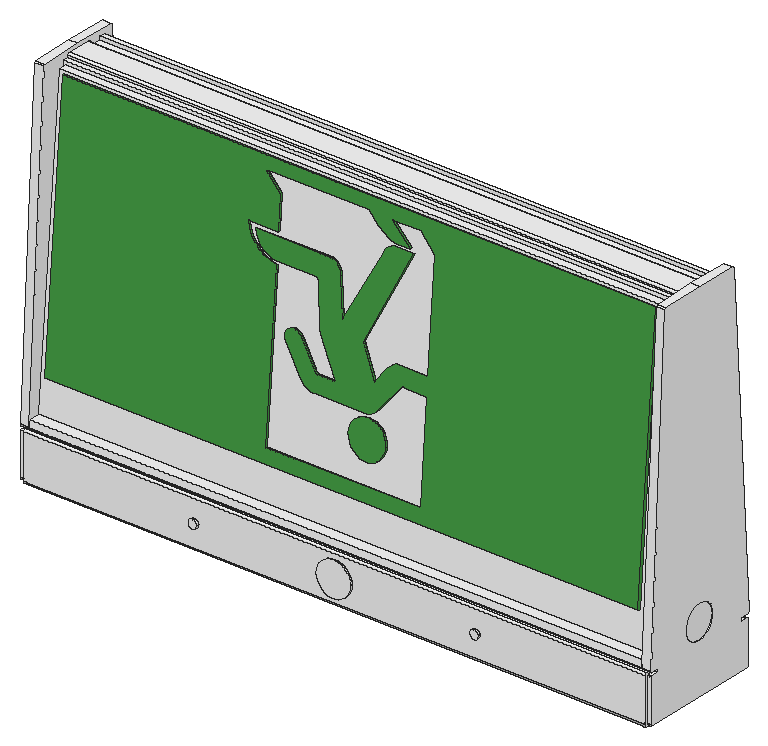
Revit family "CCFPRO_AUA02310010003", category Lighting Fixtures, host Face, Revit 2021
Family settings
  Host = Face
  Round Connector Dimension = Use Diameter
  Part Type = Normal
  Cut with Voids When Loaded = No
  Light Source = Yes
  Shared = No
  Room Calculation Point = No
Parameters (values of type "Runing Man Single")
  URL = "https://clevertronics.com.au/exit-lights/cleverfit-pro"
  Wattage = 0.0140351 W
  built-in parameter 1150110 = 1 (stored number, unit not read)
  built-in parameter 1150109 = 1 (stored number, unit not read)
  built-in parameter 1150134 = 4
  built-in parameter 1150113 = 1 (stored number, unit not read)
  Tilt Angle = -90.00°
  Straight line 'Face two' = no
  Straight line 'Face one' = yes
  Runing Man common arrow = no
  Photometric Web File = "ll20952 - CCFPRO-ZW (CT10622, Classification).IES"
  Model = "CCFPRO"  # constant formula
  Manufacturer = "Clevertronics"  # constant formula
  Description = "LP Premium Cleverfit PRO Emergency Exit, Enabled with Clevertest Plus\r"  # constant formula
  CreatedBy = "https://mepros-eng.com/"  # constant formula
  Clevertronics_Width = 72 mm
  Clevertronics_Weight = "2.5Kg"  # constant formula
  Clevertronics_Viewing Distance = "24m"  # constant formula
  Clevertronics_Total Lumen Output = ""
  Clevertronics_Testing System = "Clevertest Plus Enabled (Not activated by default)"  # constant formula
  Clevertronics_Testing Node = "8003090 : PCA: Cleverfit Narrow #CT10622-Lx"  # constant formula
  Clevertronics_Replacement Lamp = "8002710 : PCA:DurisLED Strip Clvrft Pro CT10276-D1"  # constant formula
  Clevertronics_Replacement Driver = "N/A"  # constant formula
  Clevertronics_Replacement Battery = "1550105 : BATT:LP 3.2V 1100mAh 260mm lead,no BRKT."  # constant formula
  Clevertronics_Product Description = "LP Premium Cleverfit PRO Emergency Exit, Enabled with Clevertest Plus"  # constant formula
  Clevertronics_Power Consumption = "2.8 Watts (Standby), 3.9 Watts (Max)"  # constant formula
  Clevertronics_Other Modules = ""
  Clevertronics_Operating Voltage = "240V AC; 50Hz"  # constant formula
  Clevertronics_Operating Temperature = "1˚C to 40˚C"  # constant formula
  Clevertronics_Operating Mode = "Maintained"  # constant formula
  Clevertronics_Mounting = "Wall, Ceiling Single-Sided & Ceiling Double-Sided"  # constant formula
  Clevertronics_Material = Clevertronics_Plastic
  Lumens = 0.2 lm
  built-in parameter 1114217 = 1 (stored number, unit not read)
  built-in parameter 1150115 = 1 (stored number, unit not read)
  built-in parameter 1150105 = 0.015915 (stored number, unit not read)
  built-in parameter 1150137 = 1
  built-in parameter 1150139 = (empty or 0)
  built-in parameter 1150112 = 1 (stored number, unit not read)
  built-in parameter 1150114 = 1 (stored number, unit not read)
  Lamp = "6 x LED, 100,000 hours"  # constant formula
  built-in parameter 1150132 = 2
  built-in parameter 1150102 = (empty or 0)
  built-in parameter 1150138 = (empty or 0)
  built-in parameter 1150107 = 2800 (stored number, unit not read)
  Indication Right 'Face one' = no
  Indication Right 'Face Two' = no
  Indication Left 'Face one' = no
  Indication Left 'Face Two' = no
  built-in parameter 1150106 = 0.00015915 (stored number, unit not read)
  built-in parameter 1150104 = 1.3239 (stored number, unit not read)
  Dimming Lamp Color Temperature Shift = <None>
  Default Elevation = 1200 mm
  Color Filter = 16777215
  Clevertronics_Stacked Symbol Position [instance] = 0
  Clevertronics_MIC Number = "AUA02310010003\r"  # constant formula
  Clevertronics_Length = 367 mm
  Clevertronics_Inverter / Charger = ""
  Clevertronics_IP Rating = "IP20"  # constant formula
  Clevertronics_IK Rating = "N/A"  # constant formula
  Clevertronics_Height = 214 mm
  Clevertronics_Dimensions Main Enclosure = "N/A"  # constant formula
  Clevertronics_Diffuser = "All directional inserts included in the box"  # constant formula
  Clevertronics_Construction = "Fire-retardant PC/ABS Body with Polycarbonate Diffuser"  # constant formula
  Clevertronics_Charger Method = "Intelligent Current Limited Constant Voltage"  # constant formula
  Clevertronics_Battery Type = "Lithium Iron Phosphate"  # constant formula
  Clevertronics_Battery = " 3.2V 1100mAh"  # constant formula
  Clevertronics_Applicable Standards = "AS/NZS3820, CISPR15, AS/NZS2293.3"  # constant formula
  Clevertronics_Annotation Vertical Offset [instance] = 0 mm
  Clevertronics_Annotation Size = 0 mm
  Clevertronics_Annotation Horizontal Offset [instance] = 0 mm
  Clevertronics_AS2293 Classification = "C0=D3.2 C90=E4"  # constant formula
  built-in parameter 1140040 [instance] = 1
  built-in parameter 1114218 = 1 (stored number, unit not read)
  built-in parameter 1150133 = 10 (stored number, unit not read)
  Assembly Code = ""
  Apparent Load = 2.8 VA  # constant formula
Types (5, lengths in mm): name | Straight line 'Face two' | Straight line 'Face one' | Runing Man common arrow | Indication Right 'Face one' | Indication Left 'Face one' | Indication Left 'Face Two' | Clevertronics_Stacked Symbol Position
  Runing Man Single | no | yes | no | no | no | no | 0
  Running Man Common arrow | no | no | yes | no | no | yes | 0
  Runing Man Right (Single) | no | no | no | yes | no | no | 0
  Runing Man Double Sided | yes | yes | no | no | no | no | 1
  Runing Man Left (Single) | no | no | no | no | yes | no | 0
Reference planes
  plane 1 "Center (Front/Back)": y = 0
  plane 2: z = 0
  plane 3 "Center (Left/Right)": x = 0
  plane 4: y = 30
  plane 5: y = -30
Forms (mm)
  Extrusion 1, solid, material "Green Plastic", visible <- "Straight line 'Face two'"
    sketch origin (151.5, 23.091, 152.133) x (-1, 0, 0) y (0, -0.085031, 0.996378)
      loop
        line (324.238, 55.477) -> (-21.258, 55.477) -> (-21.258, -97.563) -> (324.238, -97.563) -> (324.238, 55.477)
      loop
        line (106.162, 38.99) -> (106.126, -22.755) -> (125.231, -22.755)
        arc (125.231, -22.755) -> (127.412, -24.294) -> (129.245, -26.235) r 13.397
        line (129.245, -26.235) -> (136.235, -35.299) -> (144.196, -17.828) -> (118.356, 35.115) -> (130.038, 35.115)
        arc (130.038, 35.115) -> (133.388, 33.258) -> (135.586, 30.121) r 8.525
        line (135.586, 30.121) -> (156.779, -10.746) -> (159.175, 10.24) -> (159.634, 12.405)
        arc (159.634, 12.405) -> (161.615, 15.819) -> (165.234, 17.395) r 6.331
        line (165.234, 17.395) -> (209.235, 17.395)
        arc (209.235, 17.395) -> (204.572, 8.851) -> (195.453, 5.449) r 13.923
        line (195.453, 5.449) -> (173.244, 5.449)
        arc (173.244, 5.449) -> (171.893, 4.205) -> (171.29, 2.47) r 3.773
        line (171.29, 2.47) -> (169.273, -20.242)
        arc (169.273, -20.242) -> (168.22, -23.542) -> (166.796, -26.7) r 30.217
        line (166.796, -26.7) -> (158.343, -42.898) -> (168.884, -42.898)
        arc (168.884, -42.898) -> (170.187, -42.282) -> (171.159, -41.219) r 3.731
        line (171.159, -41.219) -> (179.629, -27.297)
        arc (179.629, -27.297) -> (186.643, -25.59) -> (188.35, -32.603) r 5.104
        line (188.35, -32.603) -> (178.708, -48.45)
        arc (178.708, -48.45) -> (175.047, -51.646) -> (170.325, -52.797) r 10.257
        line (170.325, -52.797) -> (141.141, -52.797)
        arc (141.141, -52.797) -> (136.537, -51.526) -> (132.86, -48.476) r 11.376
        line (132.86, -48.476) -> (120.341, -32.569) -> (106.126, -32.569) -> (106.126, -88.969) -> (196.149, -88.969) -> (196.149, 3.188)
        arc (196.149, 3.188) -> (207.64, 8.578) -> (213.348, 19.916) r 19.42
        line (213.348, 19.916) -> (196.149, 19.916) -> (196.149, 39.281) -> (205.646, 48.505) -> (145.527, 48.505) -> (139.316, 42.315)
        arc (139.316, 42.315) -> (134.813, 39.024) -> (129.528, 37.239) r 18.338
        line (129.528, 37.239) -> (120.026, 37.239) -> (131.328, 48.204) -> (115.409, 48.204) -> (106.162, 38.99)
      loop
        circle (138.734, -65.632) r 11.018
    from 0 to 0.767
  Extrusion 2, solid, material "Green Plastic", visible <- "Straight line 'Face one'"
    sketch origin (-151.5, -22.114, 152.099) x (1, 0, 0) y (0, 0.084193, 0.996449)
      loop
        line (-21.219, 55.512) -> (-21.219, -97.531) -> (324.258, -97.531) -> (324.258, 55.512) -> (-21.219, 55.512)
      loop
        line (196.838, 38.677) -> (187.591, 47.892) -> (171.672, 47.892) -> (182.974, 36.926) -> (173.472, 36.926)
        arc (173.472, 36.926) -> (168.187, 38.711) -> (163.684, 42.002) r 18.338
        line (163.684, 42.002) -> (157.473, 48.193) -> (97.354, 48.193) -> (106.851, 38.968) -> (106.851, 19.603) -> (89.652, 19.603)
        arc (89.652, 19.603) -> (95.36, 8.266) -> (106.851, 2.876) r 19.42
        line (106.851, 2.876) -> (106.851, -89.282) -> (196.874, -89.282) -> (196.874, -32.881) -> (182.659, -32.881) -> (170.14, -48.789)
        arc (170.14, -48.789) -> (166.463, -51.838) -> (161.859, -53.11) r 11.376
        line (161.859, -53.11) -> (132.675, -53.11)
        arc (132.675, -53.11) -> (127.953, -51.958) -> (124.292, -48.762) r 10.257
        line (124.292, -48.762) -> (114.65, -32.915)
        arc (114.65, -32.915) -> (116.357, -25.902) -> (123.371, -27.61) r 5.104
        line (123.371, -27.61) -> (131.841, -41.532)
        arc (131.841, -41.532) -> (132.813, -42.595) -> (134.116, -43.21) r 3.731
        line (134.116, -43.21) -> (144.657, -43.21) -> (136.204, -27.012)
        arc (136.204, -27.012) -> (134.78, -23.855) -> (133.727, -20.555) r 30.217
        line (133.727, -20.555) -> (131.71, 2.157)
        arc (131.71, 2.157) -> (131.107, 3.892) -> (129.756, 5.137) r 3.773
        line (129.756, 5.137) -> (107.547, 5.137)
        arc (107.547, 5.137) -> (98.428, 8.539) -> (93.765, 17.082) r 13.923
        line (93.765, 17.082) -> (137.766, 17.082)
        arc (137.766, 17.082) -> (141.385, 15.506) -> (143.366, 12.092) r 6.331
        line (143.366, 12.092) -> (143.825, 9.928) -> (146.221, -11.058) -> (167.414, 29.809)
        arc (167.414, 29.809) -> (169.612, 32.945) -> (172.962, 34.802) r 8.525
        line (172.962, 34.802) -> (184.644, 34.802) -> (158.804, -18.14) -> (166.765, -35.612) -> (173.755, -26.548)
        arc (173.755, -26.548) -> (175.588, -24.607) -> (177.769, -23.068) r 13.397
        line (177.769, -23.068) -> (196.874, -23.068) -> (196.838, 38.677)
      loop
        circle (164.266, -65.945) r 11.018
    from 0 to 0.767
  Extrusion 3, solid, material "Green Plastic", visible <- "Indication Left 'Face one'"
    sketch origin (-151.5, -22.114, 152.099) x (1, 0, 0) y (0, 0.084193, 0.996449)
      loop
        line (-21.258, 55.512) -> (-21.258, -97.531) -> (324.248, -97.531) -> (324.248, 55.512) -> (-21.258, 55.512)
      loop
        line (130.588, 39.302) -> (121.341, 48.517) -> (105.422, 48.517) -> (116.724, 37.551) -> (107.222, 37.551)
        arc (107.222, 37.551) -> (101.937, 39.336) -> (97.434, 42.627) r 18.338
        line (97.434, 42.627) -> (91.223, 48.818) -> (31.104, 48.818) -> (40.601, 39.593) -> (40.601, 20.228) -> (23.402, 20.228)
        arc (23.402, 20.228) -> (29.11, 8.891) -> (40.601, 3.501) r 19.42
        line (40.601, 3.501) -> (40.601, -88.657) -> (130.624, -88.657) -> (130.624, -32.256) -> (116.409, -32.256) -> (103.89, -48.164)
        arc (103.89, -48.164) -> (100.213, -51.213) -> (95.609, -52.485) r 11.376
        line (95.609, -52.485) -> (66.425, -52.485)
        arc (66.425, -52.485) -> (61.703, -51.333) -> (58.042, -48.137) r 10.257
        line (58.042, -48.137) -> (48.4, -32.29)
        arc (48.4, -32.29) -> (50.107, -25.277) -> (57.121, -26.985) r 5.104
        line (57.121, -26.985) -> (65.591, -40.907)
        arc (65.591, -40.907) -> (66.563, -41.97) -> (67.866, -42.585) r 3.731
        line (67.866, -42.585) -> (78.407, -42.585) -> (69.954, -26.387)
        arc (69.954, -26.387) -> (68.53, -23.23) -> (67.477, -19.93) r 30.217
        line (67.477, -19.93) -> (65.46, 2.782)
        arc (65.46, 2.782) -> (64.857, 4.517) -> (63.506, 5.762) r 3.773
        line (63.506, 5.762) -> (41.297, 5.762)
        arc (41.297, 5.762) -> (32.178, 9.164) -> (27.515, 17.707) r 13.923
        line (27.515, 17.707) -> (71.516, 17.707)
        arc (71.516, 17.707) -> (75.135, 16.131) -> (77.116, 12.717) r 6.331
        line (77.116, 12.717) -> (77.575, 10.553) -> (79.971, -10.433) -> (101.164, 30.434)
        arc (101.164, 30.434) -> (103.362, 33.57) -> (106.712, 35.427) r 8.525
        line (106.712, 35.427) -> (118.394, 35.427) -> (92.554, -17.515) -> (100.515, -34.987) -> (107.505, -25.923)
        arc (107.505, -25.923) -> (109.338, -23.982) -> (111.519, -22.443) r 13.397
        line (111.519, -22.443) -> (130.624, -22.443) -> (130.588, 39.302)
      loop
        circle (98.016, -65.32) r 11.018
      loop
        line (168.473, -25) -> (168.473, -37.5) -> (234.339, -37.5) -> (210.188, -65.283) -> (237.688, -65.283) -> (272.706, -25) -> (237.688, 15.283) -> (210.188, 15.283) -> (234.339, -12.5) -> (168.473, -12.5) -> (168.473, -25)
    from 0 to 0.767
  Extrusion 4, solid, material "Green Plastic", visible <- "Indication Right 'Face one'"
    sketch origin (-151.5, -22.114, 152.099) x (1, 0, 0) y (0, 0.084193, 0.996449)
      loop
        line (324.248, 55.527) -> (-21.248, 55.527) -> (-21.248, -97.535) -> (324.248, -97.535) -> (324.248, 55.527)
      loop
        line (171.162, 38.365) -> (171.126, -23.38) -> (190.231, -23.38)
        arc (190.231, -23.38) -> (192.412, -24.919) -> (194.245, -26.86) r 13.397
        line (194.245, -26.86) -> (201.235, -35.924) -> (209.196, -18.453) -> (183.356, 34.49) -> (195.038, 34.49)
        arc (195.038, 34.49) -> (198.388, 32.633) -> (200.586, 29.496) r 8.525
        line (200.586, 29.496) -> (221.779, -11.371) -> (224.175, 9.615) -> (224.634, 11.78)
        arc (224.634, 11.78) -> (226.615, 15.194) -> (230.234, 16.77) r 6.331
        line (230.234, 16.77) -> (274.235, 16.77)
        arc (274.235, 16.77) -> (269.572, 8.226) -> (260.453, 4.824) r 13.923
        line (260.453, 4.824) -> (238.244, 4.824)
        arc (238.244, 4.824) -> (236.893, 3.58) -> (236.29, 1.845) r 3.773
        line (236.29, 1.845) -> (234.273, -20.867)
        arc (234.273, -20.867) -> (233.22, -24.167) -> (231.796, -27.325) r 30.217
        line (231.796, -27.325) -> (223.343, -43.523) -> (233.884, -43.523)
        arc (233.884, -43.523) -> (235.187, -42.907) -> (236.159, -41.844) r 3.731
        line (236.159, -41.844) -> (244.629, -27.922)
        arc (244.629, -27.922) -> (251.643, -26.215) -> (253.35, -33.228) r 5.104
        line (253.35, -33.228) -> (243.708, -49.075)
        arc (243.708, -49.075) -> (240.047, -52.271) -> (235.325, -53.422) r 10.257
        line (235.325, -53.422) -> (206.141, -53.422)
        arc (206.141, -53.422) -> (201.537, -52.151) -> (197.86, -49.101) r 11.376
        line (197.86, -49.101) -> (185.341, -33.194) -> (171.126, -33.194) -> (171.126, -89.594) -> (261.149, -89.594) -> (261.149, 2.563)
        arc (261.149, 2.563) -> (272.64, 7.953) -> (278.348, 19.291) r 19.42
        line (278.348, 19.291) -> (261.149, 19.291) -> (261.149, 38.656) -> (270.646, 47.88) -> (210.527, 47.88) -> (204.316, 41.69)
        arc (204.316, 41.69) -> (199.813, 38.399) -> (194.528, 36.614) r 18.338
        line (194.528, 36.614) -> (185.026, 36.614) -> (196.328, 47.579) -> (180.409, 47.579) -> (171.162, 38.365)
      loop
        circle (203.734, -66.257) r 11.018
      loop
        line (133.277, -25.938) -> (133.277, -13.438) -> (67.411, -13.438) -> (91.562, 14.345) -> (64.062, 14.345) -> (29.044, -25.937) -> (64.062, -66.22) -> (91.562, -66.22) -> (67.411, -38.437) -> (133.277, -38.437) -> (133.277, -25.938)
    from 0 to 0.767
  Extrusion 5, solid, material "Green Plastic", visible <- "Indication Left 'Face Two'"
    sketch origin (-151.5, 23.091, 152.133) x (1, 0, 0) y (0, 0.085031, -0.996378)
      loop
        line (324.25, -55.483) -> (324.25, 97.573) -> (-21.25, 97.573) -> (-21.25, -55.483) -> (324.25, -55.483)
      loop
        line (171.162, -38.365) -> (180.409, -47.579) -> (196.328, -47.579) -> (185.026, -36.614) -> (194.528, -36.614)
        arc (194.528, -36.614) -> (199.813, -38.399) -> (204.316, -41.69) r 18.338
        line (204.316, -41.69) -> (210.527, -47.88) -> (270.646, -47.88) -> (261.149, -38.656) -> (261.149, -19.291) -> (278.348, -19.291)
        arc (278.348, -19.291) -> (272.64, -7.953) -> (261.149, -2.563) r 19.42
        line (261.149, -2.563) -> (261.149, 89.594) -> (171.126, 89.594) -> (171.126, 33.194) -> (185.341, 33.194) -> (197.86, 49.101)
        arc (197.86, 49.101) -> (201.537, 52.151) -> (206.141, 53.422) r 11.376
        line (206.141, 53.422) -> (235.325, 53.422)
        arc (235.325, 53.422) -> (240.047, 52.271) -> (243.708, 49.075) r 10.257
        line (243.708, 49.075) -> (253.35, 33.228)
        arc (253.35, 33.228) -> (251.643, 26.215) -> (244.629, 27.922) r 5.104
        line (244.629, 27.922) -> (236.159, 41.844)
        arc (236.159, 41.844) -> (235.187, 42.907) -> (233.884, 43.523) r 3.731
        line (233.884, 43.523) -> (223.343, 43.523) -> (231.796, 27.325)
        arc (231.796, 27.325) -> (233.22, 24.167) -> (234.273, 20.867) r 30.217
        line (234.273, 20.867) -> (236.29, -1.845)
        arc (236.29, -1.845) -> (236.893, -3.58) -> (238.244, -4.824) r 3.773
        line (238.244, -4.824) -> (260.453, -4.824)
        arc (260.453, -4.824) -> (269.572, -8.226) -> (274.235, -16.77) r 13.923
        line (274.235, -16.77) -> (230.234, -16.77)
        arc (230.234, -16.77) -> (226.615, -15.194) -> (224.634, -11.78) r 6.331
        line (224.634, -11.78) -> (224.175, -9.615) -> (221.779, 11.371) -> (200.586, -29.496)
        arc (200.586, -29.496) -> (198.388, -32.633) -> (195.038, -34.49) r 8.525
        line (195.038, -34.49) -> (183.356, -34.49) -> (209.196, 18.453) -> (201.235, 35.924) -> (194.245, 26.86)
        arc (194.245, 26.86) -> (192.412, 24.919) -> (190.231, 23.38) r 13.397
        line (190.231, 23.38) -> (171.126, 23.38) -> (171.162, -38.365)
      loop
        circle (203.734, 66.257) r 11.018
      loop
        line (133.277, 25.938) -> (133.277, 38.437) -> (67.411, 38.437) -> (91.562, 66.22) -> (64.062, 66.22) -> (29.044, 25.938) -> (64.062, -14.345) -> (91.562, -14.345) -> (67.411, 13.438) -> (133.277, 13.438) -> (133.277, 25.938)
    from 0 to 0.767
  Extrusion 6, solid, material "Green Plastic", visible <- "Runing Man common arrow"
    sketch origin (-151.5, -22.114, 152.099) x (1, 0, 0) y (0, 0.084193, 0.996449)
      loop
        line (324.25, 55.512) -> (-21.258, 55.512) -> (-21.258, -97.531) -> (324.25, -97.531) -> (324.25, 55.512)
      loop
        line (171.162, 38.99) -> (171.126, -22.755) -> (190.231, -22.755)
        arc (190.231, -22.755) -> (192.412, -24.294) -> (194.245, -26.235) r 13.397
        line (194.245, -26.235) -> (201.235, -35.299) -> (209.196, -17.828) -> (183.356, 35.115) -> (195.038, 35.115)
        arc (195.038, 35.115) -> (198.388, 33.258) -> (200.586, 30.121) r 8.525
        line (200.586, 30.121) -> (221.779, -10.746) -> (224.175, 10.24) -> (224.634, 12.405)
        arc (224.634, 12.405) -> (226.615, 15.819) -> (230.234, 17.395) r 6.331
        line (230.234, 17.395) -> (274.235, 17.395)
        arc (274.235, 17.395) -> (269.572, 8.851) -> (260.453, 5.449) r 13.923
        line (260.453, 5.449) -> (238.244, 5.449)
        arc (238.244, 5.449) -> (236.893, 4.205) -> (236.29, 2.47) r 3.773
        line (236.29, 2.47) -> (234.273, -20.242)
        arc (234.273, -20.242) -> (233.22, -23.542) -> (231.796, -26.7) r 30.217
        line (231.796, -26.7) -> (223.343, -42.898) -> (233.884, -42.898)
        arc (233.884, -42.898) -> (235.187, -42.282) -> (236.159, -41.219) r 3.731
        line (236.159, -41.219) -> (244.629, -27.297)
        arc (244.629, -27.297) -> (251.643, -25.59) -> (253.35, -32.603) r 5.104
        line (253.35, -32.603) -> (243.708, -48.45)
        arc (243.708, -48.45) -> (240.047, -51.646) -> (235.325, -52.797) r 10.257
        line (235.325, -52.797) -> (206.141, -52.797)
        arc (206.141, -52.797) -> (201.537, -51.526) -> (197.86, -48.476) r 11.376
        line (197.86, -48.476) -> (185.341, -32.569) -> (171.126, -32.569) -> (171.126, -88.969) -> (261.149, -88.969) -> (261.149, 3.188)
        arc (261.149, 3.188) -> (272.64, 8.578) -> (278.348, 19.916) r 19.42
        line (278.348, 19.916) -> (261.149, 19.916) -> (261.149, 39.281) -> (270.646, 48.505) -> (210.527, 48.505) -> (204.316, 42.315)
        arc (204.316, 42.315) -> (199.813, 39.024) -> (194.528, 37.239) r 18.338
        line (194.528, 37.239) -> (185.026, 37.239) -> (196.328, 48.204) -> (180.409, 48.204) -> (171.162, 38.99)
      loop
        circle (203.734, -65.632) r 11.018
      loop
        line (133.277, -25.313) -> (133.277, -12.813) -> (67.411, -12.813) -> (91.562, 14.97) -> (64.062, 14.97) -> (29.044, -25.312) -> (64.062, -65.595) -> (91.562, -65.595) -> (67.411, -37.812) -> (133.277, -37.812) -> (133.277, -25.313)
    from 0 to 0.767
  Extrusion 7, solid, material "Plastic - Polycarbonate - White"
    sketch origin (0, 0, -1) x (0, 1, 0) y (0, 0, 1)
      loop
        line (30, 28) -> (30, 27) -> (34.5, 27)
        arc (34.5, 27) -> (34.854, 26.854) -> (35, 26.5) r 0.5
        line (35, 26.5) -> (35, 1.5)
        arc (35, 1.5) -> (34.854, 1.146) -> (34.5, 1) r 0.5
        line (34.5, 1) -> (-34.5, 1)
        arc (-34.5, 1) -> (-34.854, 1.146) -> (-35, 1.5) r 0.5
        line (-35, 1.5) -> (-35, 26.5)
        arc (-35, 26.5) -> (-34.854, 26.854) -> (-34.5, 27) r 0.5
        line (-34.5, 27) -> (-30, 27) -> (-30, 28) -> (-35, 28)
        arc (-35, 28) -> (-35.707, 27.707) -> (-36, 27) r 1
        line (-36, 27) -> (-36, 1)
        arc (-36, 1) -> (-35.707, 0.293) -> (-35, 0) r 1
        line (-35, 0) -> (35, 0)
        arc (35, 0) -> (35.707, 0.293) -> (36, 1) r 1
        line (36, 1) -> (36, 27)
        arc (36, 27) -> (35.707, 27.707) -> (35, 28) r 1
        line (35, 28) -> (30, 28)
    from -181 to 181
  Extrusion 8, solid, material "Plastic - Polycarbonate - White"
    sketch origin (0, 0, -1) x (0, 1, 0) y (0, 0, 1)
      loop
        line (35, 1.5) -> (35, 26.5)
        arc (35, 26.5) -> (34.854, 26.854) -> (34.5, 27) r 0.5
        line (34.5, 27) -> (30, 27) -> (30, 29) -> (35, 29) -> (35.588, 29.809) -> (24.956, 213.751) -> (24.297, 214.365) -> (0, 215) -> (-24.297, 214.365) -> (-24.956, 213.751) -> (-35.588, 29.809) -> (-35, 29) -> (-30, 29) -> (-30, 27) -> (-34.5, 27)
        arc (-34.5, 27) -> (-34.854, 26.854) -> (-35, 26.5) r 0.5
        line (-35, 26.5) -> (-35, 1.5)
        arc (-35, 1.5) -> (-34.854, 1.146) -> (-34.5, 1) r 0.5
        line (-34.5, 1) -> (34.5, 1)
        arc (34.5, 1) -> (34.854, 1.146) -> (35, 1.5) r 0.5
    from -183.5 to -178.5
  Extrusion 9, solid, material "Plastic - Polycarbonate - White"
    sketch origin (0, 0, -1) x (0, 1, 0) y (0, 0, 1)
      loop
        line (35, 1.5) -> (35, 26.5)
        arc (35, 26.5) -> (34.854, 26.854) -> (34.5, 27) r 0.5
        line (34.5, 27) -> (30, 27) -> (30, 29) -> (35, 29) -> (35.588, 29.809) -> (25.039, 213.646) -> (24.297, 214.365) -> (0, 215) -> (-24.297, 214.365) -> (-25.039, 213.646) -> (-35.588, 29.809) -> (-35, 29) -> (-30, 29) -> (-30, 27) -> (-34.5, 27)
        arc (-34.5, 27) -> (-34.854, 26.854) -> (-35, 26.5) r 0.5
        line (-35, 26.5) -> (-35, 1.5)
        arc (-35, 1.5) -> (-34.854, 1.146) -> (-34.5, 1) r 0.5
        line (-34.5, 1) -> (34.5, 1)
        arc (34.5, 1) -> (34.854, 1.146) -> (35, 1.5) r 0.5
    from 178.5 to 183.5
  Extrusion 10, solid, material "Clevertronics_Plastic"
    sketch origin (0, 0, -1) x (0, 1, 0) y (0, 0, 1)
      loop
        line (31.631, 35.306) -> (16.897, 213) -> (13.89, 213) -> (13.89, 210.956) -> (7.831, 210.426) -> (7.831, 35.306) -> (31.631, 35.306)
    from -176.5 to 176.5
  Extrusion 11, solid, material "Plastic - Polycarbonate - White"
    sketch origin (0, 0, -1) x (0, 1, 0) y (0, 0, 1)
      loop
        line (35, 29) -> (35.588, 29.809) -> (35.231, 34) -> (7.831, 34) -> (7.831, 212)
        arc (7.831, 212) -> (7.538, 212.707) -> (6.831, 213) r 1
        line (6.831, 213) -> (-6.831, 213)
        arc (-6.831, 213) -> (-7.538, 212.707) -> (-7.831, 212) r 1
        line (-7.831, 212) -> (-7.831, 34) -> (-35.231, 34) -> (-35.588, 29.809) -> (-35, 29) -> (35, 29)
    from -178.5 to 178.5
  Extrusion 12, solid, material "Plastic - Polycarbonate - White"
    sketch origin (0, 0, -1) x (0, 1, 0) y (0, 0, 1)
      loop
        line (-7.831, 211) -> (-10.831, 211) -> (-25.331, 35.306) -> (-7.831, 35.306) -> (-7.831, 211)
    from -178.5 to 178.5
  Extrusion 13, solid, material "Clevertronics_Plastic"
    sketch origin (0, 0, -1) x (0, 1, 0) y (0, 0, 1)
      loop
        line (-10.988, 209.104) -> (-15.815, 209.104) -> (-30.604, 35.306) -> (-25.331, 35.306) -> (-10.988, 209.104)
    from -176.5 to 178.5
  Extrusion 14, solid, material "Plastic - Polycarbonate - White"
    sketch origin (0, 0, -1) x (1, 0, 0) y (0, 0, 1)
      loop
        circle (82, 14) r 5
      loop
        circle (-82, 14) r 5
    from -37 to -36
  Extrusion 15, solid, material "Plastic - Polycarbonate - White"
    sketch origin (0, 0, -1) x (1, 0, 0) y (0, 0, 1)
      loop
        circle (-82, 14) r 2.5
      loop
        circle (82, 14) r 2.5
      loop
        circle (0, 14) r 10
    from 36 to 37
  Extrusion 16, void
    sketch origin (7.5, 9, -1) x (1, 0, 0) y (0, 0, 1)
      loop
        line (136, 19) -> (131, 19) -> (131, 9) -> (136, 9) -> (136, 19)
    from -37 to -26
  Blend 17, void
    base sketch origin (-2.5, 0, -1) x (0, 1, 0) y (0, 0, 1)
      loop
        circle (0, 40) r 8
    top sketch origin (-2.5, 0, -1) x (0, 1, 0) y (0, 0, 1)
      loop
        circle (0, 40) r 9
    from 182.5 to 183.5
  Extrusion 18, solid, material "Default"
    sketch origin (-1.989, 0, -1) x (0, 1, 0) y (0, 0, 1)
      loop
        circle (0, 40) r 9.5
    from 181 to 183.5
  Extrusion 19, void
    sketch origin (1.5, 0, -1) x (0, 1, 0) y (0, 0, 1)
      loop
        circle (0, 40) r 10
    from 181 to 183.5
Cuts and joins
  Extrusion 16 cuts Extrusion 7
  Blend 17, Extrusion 19 cuts Extrusion 9
  Extrusion 19 cuts Extrusion 18
Lines and regions (mm)
  model lines, style "Face Indication", visible <- "Straight line 'Face two'", detail levels coarse+medium
    curve 1: line (-323.489, 195, 0) -> (326.511, 195, 0)
  model lines, style "Face Indication", visible <- "Straight line 'Face one'", detail levels coarse+medium
    curve 2: line (-323.489, -195, 0) -> (326.511, -195, 0)
  model lines, style "Face Indication", visible <- "Indication Right 'Face Two'", detail levels coarse+medium
    curve 3: line (-323.489, 195, 0) -> (326.511, 195, 0)
  model lines, style "Face Indication", visible <- "Indication Right 'Face one'", detail levels coarse+medium
    curve 4: line (-323.489, -195, 0) -> (326.511, -195, 0)
  model lines, style "Face Indication", visible <- "Indication Left 'Face Two'", detail levels coarse+medium
    curve 5: line (-323.489, 195, 0) -> (326.511, 195, 0)
  model lines, style "Face Indication", visible <- "Indication Left 'Face one'", detail levels coarse+medium
    curve 6: line (-323.489, -195, 0) -> (326.511, -195, 0)
  model lines, style "Face Indication", visible <- "Runing Man common arrow", detail levels coarse+medium
    curve 7: line (-323.489, 195, 0) -> (326.511, 195, 0)
    curve 8: line (-323.489, -195, 0) -> (326.511, -195, 0)
Dimensions and locks
  locked: Extrusion 13 sketch curve to Extrusion 12 at 1.896
  Extrusion 16 sketch curve to Extrusion 16 sketch curve = 5 mm
  locked: Extrusion 16 sketch curve to Extrusion 16 sketch curve at 5
  Extrusion 16 sketch curve to Extrusion 16 sketch curve = 10 mm
  locked: Extrusion 16 sketch curve to Extrusion 16 sketch curve at 10
  aligned and locked: host face to plane 2
  aligned and locked: host face to level
  aligned and locked: Extrusion 7 sketch curve to plane 4
  aligned and locked: plane 5 to Extrusion 7 sketch curve
  aligned and locked: Extrusion 8 sketch curve to Extrusion 7  (x2)
Nested families
  nested 1: "Symbol Right Indication" at (0, 0, 3956.795) x (1, 0, 0) z (0, 0, -1), visible <- "Indication Right 'Face one'", type "Symbol Right Indication", detail levels coarse+medium
  nested 2: "Symbol Left Indication" at (0, 0, 3956.795) x (1, 0, 0) z (0, 0, -1), visible <- "Indication Left 'Face one'", type "Symbol Left Indication", detail levels coarse+medium
  nested 3: "Symbol straight line Indication" at (0, 0, 3956.795) x (1, 0, 0) z (0, 0, -1), visible <- "Straight line 'Face two'", type "Symbol straight line Indication", detail levels coarse+medium
  nested 4: "Symbol straight line Indication" at (0, 0, 3956.795) x (1, 0, 0) z (0, 0, -1), visible <- "Straight line 'Face one'", type "Symbol straight line Indication", detail levels coarse+medium
  nested 5: "Symbol Left Indication" at (0, 0, 3956.795) x (1, 0, 0) z (0, 0, -1), visible <- "Indication Left 'Face Two'", type "Symbol Left Indication", detail levels coarse+medium
  nested 6: "Symbol Right Indication" at (0, 0, 3956.795) x (1, 0, 0) z (0, 0, -1), visible <- "Indication Right 'Face Two'", type "Symbol Right Indication", detail levels coarse+medium
  nested 7: "Symbol Left Indication" at (0, 0, 3956.795) x (1, 0, 0) z (0, 0, -1), visible <- "Runing Man common arrow", type "Symbol Left Indication", detail levels coarse+medium
Connectors
  electrical at (0, 0, -1)
    settings: on cut or joined group of Extrusion 7, Extrusion 16, index 1, voltage 240 V, apparent load 0 VA, apparent load phase1 240 VA, apparent load phase2 0 VA, apparent load phase3 0 VA, power factor 1, load classification "Autre", number of poles 1, system type 31, power factor state 1, is connector primary yes, connector utility no, sub classification motor no, connector description ""
Definition of nested family "Symbol Right Indication"
  Reference planes
    plane 1 "Center (Front/Back)": y = 0
    plane 2: z = 0
    plane 3 "Center (Left/Right)": x = 0
    plane 4: x = -325.152, in view "Ref. Level"
    plane 5: x = 325.152, in view "Ref. Level"
    plane 6: y = 173.449, in view "Ref. Level"
    plane 7: y = -173.449, in view "Ref. Level"
  Lines and regions (mm)
    Filled region 1, type "Plastic Grün", in view "Ref. Level"
      outline origin (0, 0, 0) x (1, 0, 0) y (0, 1, 0)
        loop
          line (-325.152, 173.449) -> (-325.152, -173.449) -> (325.152, -173.449) -> (325.152, 173.449) -> (-325.152, 173.449)
        loop
          line (-248.707, 129.511) -> (-248.707, -50)
          arc (-248.707, -50) -> (-276.284, -61.423) -> (-287.707, -89) r 39
          line (-287.707, -89) -> (-248.707, -89) -> (-248.707, -130) -> (-270.627, -151.92) -> (-131.627, -151.92) -> (-106.171, -126.464) -> (-76.171, -126.464) -> (-101.627, -151.92) -> (-62.627, -151.92) -> (-40.707, -130) -> (-40.707, 9.511) -> (-78.707, 9.511)
          arc (-78.707, 9.511) -> (-86.697, 12.637) -> (-93.539, 17.816) r 31.304
          line (-93.539, 17.816) -> (-111.923, 36.2)
          arc (-111.923, 36.2) -> (-114.899, 38.096) -> (-117.875, 36.2) r 3.284
          line (-117.875, 36.2) -> (-132.667, 4.48)
          arc (-132.667, 4.48) -> (-133.805, 0.231) -> (-132.667, -4.017) r 8.497
          line (-132.667, -4.017) -> (-67.667, -116.601) -> (-94.667, -116.601)
          arc (-94.667, -116.601) -> (-102.738, -113.797) -> (-107.333, -106.593) r 13.019
          line (-107.333, -106.593) -> (-157.333, -19.991)
          arc (-157.333, -19.991) -> (-159.41, -18.791) -> (-161.488, -19.991) r 2.399
          line (-161.488, -19.991) -> (-164.906, -68.871)
          arc (-164.906, -68.871) -> (-167.873, -76.033) -> (-175.035, -79) r 10.129
          line (-175.035, -79) -> (-272.707, -79)
          arc (-272.707, -79) -> (-265.678, -62.029) -> (-248.707, -55) r 24
          line (-248.707, -55) -> (-195.707, -55)
          arc (-195.707, -55) -> (-192.663, -50.733) -> (-191.351, -45.659) r 14.38
          line (-191.351, -45.659) -> (-188.561, -5.756)
          arc (-188.561, -5.756) -> (-187.442, 4.309) -> (-185.503, 14.25) r 123.737
          line (-185.503, 14.25) -> (-168.598, 50.502) -> (-197.598, 50.502) -> (-207.269, 14.41)
          arc (-207.269, 14.41) -> (-220.129, 6.986) -> (-227.553, 19.846) r 10.5
          line (-227.553, 19.846) -> (-215.906, 63.312)
          arc (-215.906, 63.312) -> (-211.908, 69.258) -> (-205.103, 71.502) r 11.051
          line (-205.103, 71.502) -> (-140.103, 71.502)
          arc (-140.103, 71.502) -> (-119.382, 69.488) -> (-101.698, 58.502) r 45.756
          line (-101.698, 58.502) -> (-72.707, 29.511) -> (-40.707, 29.511) -> (-40.707, 129.511) -> (-248.707, 129.511)
        loop
          circle (-117.138, 97.887) r 20
        loop
          line (40.232, 30) -> (40.232, -30) -> (172.232, -30) -> (105.057, -97.175) -> (188.057, -97.175) -> (285.232, 0) -> (188.057, 97.175) -> (105.057, 97.175) -> (172.232, 30) -> (40.232, 30)
  Dimensions and locks
    plane 6 to plane 7 = 346.899 mm
    plane 4 to plane 5 = 650.305 mm
    equal spacing: plane 6, plane 1 "Center (Front/Back)", plane 7
    equal spacing: plane 4, plane 3 "Center (Left/Right)", plane 5
Definition of nested family "Symbol Left Indication"
  Reference planes
    plane 1 "Center (Front/Back)": y = 0
    plane 2: z = 0
    plane 3 "Center (Left/Right)": x = 0
    plane 4: x = 325.152, in view "Ref. Level"
    plane 5: x = -325.152, in view "Ref. Level"
    plane 6: y = 173.449, in view "Ref. Level"
    plane 7: y = -173.449, in view "Ref. Level"
  Lines and regions (mm)
    Filled region 1, type "Plastic Grün", in view "Ref. Level"
      outline origin (0, 0, 0) x (0, 1, 0) y (-1, 0, 0)
        loop
          line (173.449, -325.152) -> (173.449, 325.152) -> (-173.449, 325.152) -> (-173.449, -325.152) -> (173.449, -325.152)
        loop
          line (129.511, -248.707) -> (129.511, -40.707) -> (29.511, -40.707) -> (29.511, -72.707) -> (58.502, -101.698)
          arc (58.502, -101.698) -> (69.488, -119.382) -> (71.502, -140.103) r 45.756
          line (71.502, -140.103) -> (71.502, -205.103)
          arc (71.502, -205.103) -> (69.258, -211.908) -> (63.312, -215.906) r 11.051
          line (63.312, -215.906) -> (19.846, -227.553)
          arc (19.846, -227.553) -> (6.986, -220.129) -> (14.41, -207.269) r 10.5
          line (14.41, -207.269) -> (50.502, -197.598) -> (50.502, -168.598) -> (14.25, -185.503)
          arc (14.25, -185.503) -> (4.309, -187.442) -> (-5.756, -188.561) r 123.737
          line (-5.756, -188.561) -> (-45.659, -191.351)
          arc (-45.659, -191.351) -> (-50.733, -192.663) -> (-55, -195.707) r 14.38
          line (-55, -195.707) -> (-55, -248.707)
          arc (-55, -248.707) -> (-62.029, -265.678) -> (-79, -272.707) r 24
          line (-79, -272.707) -> (-79, -175.035)
          arc (-79, -175.035) -> (-76.033, -167.873) -> (-68.871, -164.906) r 10.129
          line (-68.871, -164.906) -> (-19.991, -161.488)
          arc (-19.991, -161.488) -> (-18.791, -159.41) -> (-19.991, -157.333) r 2.399
          line (-19.991, -157.333) -> (-106.593, -107.333)
          arc (-106.593, -107.333) -> (-113.797, -102.738) -> (-116.601, -94.667) r 13.019
          line (-116.601, -94.667) -> (-116.601, -67.667) -> (-4.017, -132.667)
          arc (-4.017, -132.667) -> (0.231, -133.805) -> (4.48, -132.667) r 8.497
          line (4.48, -132.667) -> (36.2, -117.875)
          arc (36.2, -117.875) -> (38.096, -114.899) -> (36.2, -111.923) r 3.284
          line (36.2, -111.923) -> (17.816, -93.539)
          arc (17.816, -93.539) -> (12.637, -86.697) -> (9.511, -78.707) r 31.304
          line (9.511, -78.707) -> (9.511, -40.707) -> (-130, -40.707) -> (-151.92, -62.627) -> (-151.92, -101.627) -> (-126.464, -76.171) -> (-126.464, -106.171) -> (-151.92, -131.627) -> (-151.92, -270.627) -> (-130, -248.707) -> (-89, -248.707) -> (-89, -287.707)
          arc (-89, -287.707) -> (-61.423, -276.284) -> (-50, -248.707) r 39
          line (-50, -248.707) -> (129.511, -248.707)
        loop
          circle (97.887, -117.138) r 20
        loop
          line (30, 40.232) -> (30, 172.232) -> (97.175, 105.057) -> (97.175, 188.057) -> (0, 285.232) -> (-97.175, 188.057) -> (-97.175, 105.057) -> (-30, 172.232) -> (-30, 40.232) -> (30, 40.232)
  Dimensions and locks
    plane 6 to plane 7 = 346.899 mm  (x2)
    plane 4 to plane 5 = 650.305 mm  (x2)
Definition of nested family "Symbol straight line Indication"
  Reference planes
    plane 1 "Center (Front/Back)": y = 0
    plane 2: z = 0
    plane 3 "Center (Left/Right)": x = 0
    plane 4: x = -325.152, in view "Ref. Level"
    plane 5: x = 325.152, in view "Ref. Level"
    plane 6: y = 173.449, in view "Ref. Level"
    plane 7: y = -173.449, in view "Ref. Level"
  Lines and regions (mm)
    Filled region 1, type "Plastic Grün", in view "Ref. Level"
      outline origin (0, 0, 0) x (1, 0, 0) y (0, 1, 0)
        loop
          line (-325.152, 173.449) -> (-325.152, -173.449) -> (325.152, -173.449) -> (325.152, 173.449) -> (-325.152, 173.449)
        loop
          line (-104, 129.511) -> (-104, -50)
          arc (-104, -50) -> (-131.577, -61.423) -> (-143, -89) r 39
          line (-143, -89) -> (-104, -89) -> (-104, -130) -> (-125.92, -151.92) -> (13.08, -151.92) -> (38.536, -126.464) -> (68.536, -126.464) -> (43.08, -151.92) -> (82.08, -151.92) -> (104, -130) -> (104, 9.511) -> (66, 9.511)
          arc (66, 9.511) -> (58.01, 12.637) -> (51.168, 17.816) r 31.304
          line (51.168, 17.816) -> (32.784, 36.2)
          arc (32.784, 36.2) -> (29.808, 38.096) -> (26.832, 36.2) r 3.284
          line (26.832, 36.2) -> (12.04, 4.48)
          arc (12.04, 4.48) -> (10.902, 0.231) -> (12.04, -4.017) r 8.497
          line (12.04, -4.017) -> (77.04, -116.601) -> (50.04, -116.601)
          arc (50.04, -116.601) -> (41.969, -113.797) -> (37.374, -106.593) r 13.019
          line (37.374, -106.593) -> (-12.626, -19.991)
          arc (-12.626, -19.991) -> (-14.703, -18.791) -> (-16.781, -19.991) r 2.399
          line (-16.781, -19.991) -> (-20.199, -68.871)
          arc (-20.199, -68.871) -> (-23.166, -76.033) -> (-30.328, -79) r 10.129
          line (-30.328, -79) -> (-128, -79)
          arc (-128, -79) -> (-120.971, -62.029) -> (-104, -55) r 24
          line (-104, -55) -> (-51, -55)
          arc (-51, -55) -> (-47.956, -50.733) -> (-46.644, -45.659) r 14.38
          line (-46.644, -45.659) -> (-43.854, -5.756)
          arc (-43.854, -5.756) -> (-42.735, 4.309) -> (-40.796, 14.25) r 123.737
          line (-40.796, 14.25) -> (-23.891, 50.502) -> (-52.891, 50.502) -> (-62.562, 14.41)
          arc (-62.562, 14.41) -> (-75.422, 6.986) -> (-82.846, 19.846) r 10.5
          line (-82.846, 19.846) -> (-71.199, 63.312)
          arc (-71.199, 63.312) -> (-67.201, 69.258) -> (-60.396, 71.502) r 11.051
          line (-60.396, 71.502) -> (4.604, 71.502)
          arc (4.604, 71.502) -> (25.325, 69.488) -> (43.009, 58.502) r 45.756
          line (43.009, 58.502) -> (72, 29.511) -> (104, 29.511) -> (104, 129.511) -> (-104, 129.511)
        loop
          circle (27.569, 97.887) r 20
  Dimensions and locks
    plane 6 to plane 7 = 346.899 mm
    plane 4 to plane 5 = 650.305 mm
    equal spacing: plane 6, plane 1 "Center (Front/Back)", plane 7
    equal spacing: plane 4, plane 3 "Center (Left/Right)", plane 5
